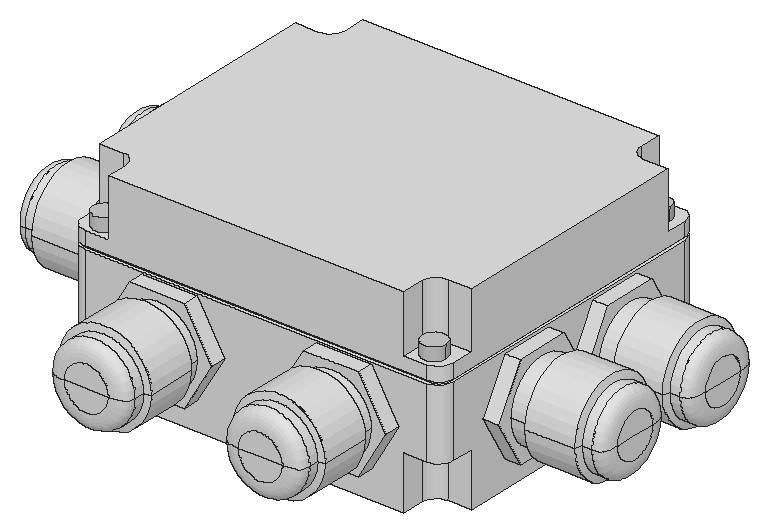
Revit family "ustroystvo soedinitelnoe_usb-ex_sever", category Датчики, Revit 2016
Family settings
  Сохранять ориентацию аннотаций = Нет
  Тип детали = Нормальный
  Размер круглого соединителя = Использовать диаметр
  На основе рабочей плоскости = Нет
  Всегда вертикально = Да
  При загрузке вырезать с полостями = Нет
  Общий = Нет
  Точка расчета площади = Нет
Parameters (values of type "УС-4 Ex")
  Метизы = Металл
  Watermarked By = ""
  Type Comments = "﻿﻿                           ﻿       ﻿     ﻿       ​         ​       ​   ​                  ﻿      ​ ​  ​       ​     ​ ﻿​                    ﻿     ﻿       ﻿       ﻿     ​         ﻿               ﻿﻿"
  Изготовитель = "ООО НПП \"Магнито-Контакт\""
  Гермоввод = Пластик черный
  URL = "www.m-kontakt.ru"
  Keynote = "﻿﻿                           ﻿       ﻿     ﻿       ​         ​       ​   ​                  ﻿      ​ ​  ​       ​     ​ ﻿​                    ﻿     ﻿       ﻿       ﻿     ​         ﻿               ﻿﻿"
  Description = "﻿﻿                           ﻿       ﻿     ﻿       ​         ​       ​   ​                  ﻿      ​ ​  ​       ​     ​ ﻿​                    ﻿     ﻿       ﻿       ﻿     ​         ﻿               ﻿﻿"
  BL_Разработано = "support@bimlib.ru"  # constant formula
  BL_Email = "451694@bk.ru"  # constant formula
  BL_BIM library = "https://bimlib.ru/manufacturer/company/2873"
  Assembly Code = "﻿﻿                           ﻿       ﻿     ﻿       ​         ​       ​   ​                  ﻿      ​ ​  ​       ​     ​ ﻿​                    ﻿     ﻿       ﻿       ﻿     ​         ﻿               ﻿﻿"
  ADSK_Размер_Ширина = 157 mm
  ADSK_Размер_Длина = 200 mm
  ADSK_Размер_Высота = 67 mm
  ADSK_Примечание = ""
  ADSK_Позиция = ""
  ADSK_Обозначение = "АТФЕ.685552.001 ТУ"
  ADSK_Наименование = "Устройство соединительное УСБ-Ex «СЕВЕР»"
  ADSK_Материал = Пластик белый
  ADSK_Масса = 0.5
  ADSK_Код изделия = ""
  ADSK_Завод-изготовитель = "ООО НПП \"Магнито-Контакт\""
  ADSK_Единица измерения = "шт."
  ADSK_Версия Revit = "2016"  # constant formula
  ADSK_URL страницы изделия = ""
  ADSK_URL документации изделия = ""
Reference planes
  plane 1 "По центру (Вперед/Назад)": y = 0
  plane 2: z = 0
  plane 3 "По центру (Влево/Вправо)": x = 0
  plane 4: z = 67
  plane 5: x = -100
  plane 6: x = 100
  plane 7: y = 78.5
  plane 8: y = -78.5
  plane 9: x = -63
  plane 10: x = 63
  plane 11: y = 65
  plane 12: y = -43
Forms (mm)
  Revolve 1, solid, material "Пластик белый" <- "ADSK_Материал", detail levels fine
    sketch origin (-34.458, 27.906, 25.312) x (0, -1, 0) y (1, 0, 0)
      loop
        line (-15.46, -33.979) -> (-15.46, -40.804) -> (-17.762, -40.804) -> (-17.762, -57.606) -> (-15.46, -58.222) -> (-15.46, -61.652)
        spline (-15.46, -61.652) -> (-15.418, -62.273) -> (-15.292, -62.841) -> (-15.083, -63.354) -> (-14.79, -63.814) -> (-14.413, -64.219) -> (-13.952, -64.57) -> (-13.408, -64.867) -> (-12.78, -65.11) -> (-12.068, -65.3) -> (-11.272, -65.435) -> (-10.393, -65.516) -> (-9.43, -65.543)
        line (-9.43, -65.543) -> (-1.986, -65.543) -> (-1.986, -33.979) -> (-15.46, -33.979)
      axis (-1.986, -65.543) -> (-1.986, -33.979)
    angle from 0 to 360
  Extrusion 2, solid, material "Пластик белый" <- "ADSK_Материал", detail levels medium+fine
    sketch origin (0, 0, 0) x (1, 0, 0) y (0, 1, 0)
      loop
        arc (-58, 65) -> (-61.536, 63.536) -> (-63, 60) r 5
        line (-63, 60) -> (-63, -38)
        arc (-63, -38) -> (-61.536, -41.536) -> (-58, -43) r 5
        line (-58, -43) -> (58, -43)
        arc (58, -43) -> (61.536, -41.536) -> (63, -38) r 5
        line (63, -38) -> (63, 60)
        arc (63, 60) -> (61.536, 63.536) -> (58, 65) r 5
        line (58, 65) -> (-58, 65)
    from 0 to 67
  Extrusion 3, void
    sketch origin (0, 0, 0) x (1, 0, 0) y (0, 1, 0)
      loop
        line (-63, 65) -> (-63, 52.563) -> (-55.14, 52.563)
        arc (-55.14, 52.563) -> (-51.605, 54.027) -> (-50.14, 57.563) r 5
        line (-50.14, 57.563) -> (-50.14, 65) -> (-63, 65)
      loop
        line (63, 65) -> (50.14, 65) -> (50.14, 57.563)
        arc (50.14, 57.563) -> (51.605, 54.027) -> (55.14, 52.563) r 5
        line (55.14, 52.563) -> (63, 52.563) -> (63, 65)
      loop
        line (-63, -43) -> (-50.14, -43) -> (-50.14, -35.563)
        arc (-50.14, -35.563) -> (-51.605, -32.027) -> (-55.14, -30.563) r 5
        line (-55.14, -30.563) -> (-63, -30.563) -> (-63, -43)
      loop
        line (63, -43) -> (63, -30.563) -> (55.14, -30.563)
        arc (55.14, -30.563) -> (51.605, -32.027) -> (50.14, -35.563) r 5
        line (50.14, -35.563) -> (50.14, -43) -> (63, -43)
    from 0 to 18.199
  Extrusion 4, void
    sketch origin (0, 0, 67.764) x (0, -1, 0) y (1, 0, 0)
      loop
        line (-65, -63) -> (-52.563, -63) -> (-52.563, -55.14)
        arc (-52.563, -55.14) -> (-54.027, -51.605) -> (-57.563, -50.14) r 5
        line (-57.563, -50.14) -> (-65, -50.14) -> (-65, -63)
      loop
        line (-65, 63) -> (-65, 50.14) -> (-57.563, 50.14)
        arc (-57.563, 50.14) -> (-54.027, 51.605) -> (-52.563, 55.14) r 5
        line (-52.563, 55.14) -> (-52.563, 63) -> (-65, 63)
      loop
        line (43, -63) -> (43, -50.14) -> (35.563, -50.14)
        arc (35.563, -50.14) -> (32.027, -51.605) -> (30.563, -55.14) r 5
        line (30.563, -55.14) -> (30.563, -63) -> (43, -63)
      loop
        line (43, 63) -> (30.563, 63) -> (30.563, 55.14)
        arc (30.563, 55.14) -> (32.027, 51.605) -> (35.563, 50.14) r 5
        line (35.563, 50.14) -> (43, 50.14) -> (43, 63)
    from -20 to -0.764
  Extrusion 5, solid, material "Пластик белый" <- "ADSK_Материал", detail levels fine
    sketch origin (0, 10.83, 55.205) x (0, 0, -1) y (0, 1, 0)
      loop
        line (29.892, 37.487) -> (13.936, 28.275) -> (13.936, 9.85) -> (29.892, 0.638) -> (45.849, 9.85) -> (45.849, 28.275) -> (29.892, 37.487)
    from -68.437 to -63
  Revolve 6, solid, material "Пластик белый" <- "ADSK_Материал", detail levels fine
    sketch origin (-34.458, -9.316, 25.312) x (0, -1, 0) y (1, 0, 0)
      loop
        line (-15.46, -33.979) -> (-15.46, -40.804) -> (-17.762, -40.804) -> (-17.762, -57.606) -> (-15.46, -58.222) -> (-15.46, -61.652)
        spline (-15.46, -61.652) -> (-15.418, -62.273) -> (-15.292, -62.841) -> (-15.083, -63.354) -> (-14.79, -63.814) -> (-14.413, -64.219) -> (-13.952, -64.57) -> (-13.408, -64.867) -> (-12.78, -65.11) -> (-12.068, -65.3) -> (-11.272, -65.435) -> (-10.393, -65.516) -> (-9.43, -65.543)
        line (-9.43, -65.543) -> (-1.986, -65.543) -> (-1.986, -33.979) -> (-15.46, -33.979)
      axis (-1.986, -65.543) -> (-1.986, -33.979)
    angle from 0 to 360
  Extrusion 7, solid, material "Пластик белый" <- "ADSK_Материал", detail levels fine
    sketch origin (0, -26.392, 55.205) x (0, 0, -1) y (0, 1, 0)
      loop
        line (29.892, 37.487) -> (13.936, 28.275) -> (13.936, 9.85) -> (29.892, 0.638) -> (45.849, 9.85) -> (45.849, 28.275) -> (29.892, 37.487)
    from -68.437 to -63
  Revolve 8, solid, material "Пластик белый" <- "ADSK_Материал", detail levels fine
    sketch origin (34.458, 27.906, 25.312) x (0, -1, 0) y (1, 0, 0)
      loop
        line (-15.46, 33.979) -> (-1.986, 33.979) -> (-1.986, 65.543) -> (-9.43, 65.543)
        spline (-9.43, 65.543) -> (-10.393, 65.516) -> (-11.272, 65.435) -> (-12.068, 65.3) -> (-12.78, 65.11) -> (-13.408, 64.867) -> (-13.952, 64.57) -> (-14.413, 64.219) -> (-14.79, 63.814) -> (-15.083, 63.354) -> (-15.292, 62.841) -> (-15.418, 62.273) -> (-15.46, 61.652)
        line (-15.46, 61.652) -> (-15.46, 58.222) -> (-17.762, 57.606) -> (-17.762, 40.804) -> (-15.46, 40.804) -> (-15.46, 33.979)
      axis (-1.986, 65.543) -> (-1.986, 33.979)
    angle from 0 to 360
  Extrusion 9, solid, material "Пластик белый" <- "ADSK_Материал", detail levels fine
    sketch origin (0, 10.83, 55.205) x (0, 0, -1) y (0, -1, 0)
      loop
        line (29.892, -37.487) -> (45.849, -28.275) -> (45.849, -9.85) -> (29.892, -0.638) -> (13.936, -9.85) -> (13.936, -28.275) -> (29.892, -37.487)
    from -68.437 to -63
  Revolve 10, solid, material "Пластик белый" <- "ADSK_Материал", detail levels fine
    sketch origin (34.458, -9.316, 25.312) x (0, -1, 0) y (1, 0, 0)
      loop
        line (-15.46, 33.979) -> (-1.986, 33.979) -> (-1.986, 65.543) -> (-9.43, 65.543)
        spline (-9.43, 65.543) -> (-10.393, 65.516) -> (-11.272, 65.435) -> (-12.068, 65.3) -> (-12.78, 65.11) -> (-13.408, 64.867) -> (-13.952, 64.57) -> (-14.413, 64.219) -> (-14.79, 63.814) -> (-15.083, 63.354) -> (-15.292, 62.841) -> (-15.418, 62.273) -> (-15.46, 61.652)
        line (-15.46, 61.652) -> (-15.46, 58.222) -> (-17.762, 57.606) -> (-17.762, 40.804) -> (-15.46, 40.804) -> (-15.46, 33.979)
      axis (-1.986, 65.543) -> (-1.986, 33.979)
    angle from 0 to 360
  Extrusion 11, solid, material "Пластик белый" <- "ADSK_Материал", detail levels fine
    sketch origin (0, -26.392, 55.205) x (0, 0, -1) y (0, -1, 0)
      loop
        line (29.892, -37.487) -> (45.849, -28.275) -> (45.849, -9.85) -> (29.892, -0.638) -> (13.936, -9.85) -> (13.936, -28.275) -> (29.892, -37.487)
    from -68.437 to -63
  Revolve 12, solid, material "Пластик белый" <- "ADSK_Материал", detail levels fine
    sketch origin (27.821, -12.954, 25.312) x (-1, 0, 0) y (0, -1, 0)
      loop
        line (-15.46, 35.47) -> (-1.986, 35.47) -> (-1.986, 65.543) -> (-9.43, 65.543)
        spline (-9.43, 65.543) -> (-10.393, 65.516) -> (-11.272, 65.435) -> (-12.068, 65.3) -> (-12.78, 65.11) -> (-13.408, 64.867) -> (-13.952, 64.57) -> (-14.413, 64.219) -> (-14.79, 63.814) -> (-15.083, 63.354) -> (-15.292, 62.841) -> (-15.418, 62.273) -> (-15.46, 61.652)
        line (-15.46, 61.652) -> (-15.46, 58.222) -> (-17.762, 57.606) -> (-17.762, 40.804) -> (-15.46, 40.804) -> (-15.46, 35.47)
      axis (-1.986, 65.543) -> (-1.986, 35.47)
    angle from 0 to 360
  Extrusion 13, solid, material "Пластик белый" <- "ADSK_Материал", detail levels fine
    sketch origin (48.869, 20, -4.58) x (0, 0, 1) y (1, 0, 0)
      loop
        line (29.892, -37.487) -> (45.849, -28.275) -> (45.849, -9.85) -> (29.892, -0.638) -> (13.936, -9.85) -> (13.936, -28.275) -> (29.892, -37.487)
    from -68.437 to -63
  Revolve 14, solid, material "Пластик белый" <- "ADSK_Материал", detail levels fine
    sketch origin (-31.242, -12.954, 25.312) x (-1, 0, 0) y (0, -1, 0)
      loop
        line (-15.46, 35.47) -> (-1.986, 35.47) -> (-1.986, 65.543) -> (-9.43, 65.543)
        spline (-9.43, 65.543) -> (-10.393, 65.516) -> (-11.272, 65.435) -> (-12.068, 65.3) -> (-12.78, 65.11) -> (-13.408, 64.867) -> (-13.952, 64.57) -> (-14.413, 64.219) -> (-14.79, 63.814) -> (-15.083, 63.354) -> (-15.292, 62.841) -> (-15.418, 62.273) -> (-15.46, 61.652)
        line (-15.46, 61.652) -> (-15.46, 58.222) -> (-17.762, 57.606) -> (-17.762, 40.804) -> (-15.46, 40.804) -> (-15.46, 35.47)
      axis (-1.986, 65.543) -> (-1.986, 35.47)
    angle from 0 to 360
  Extrusion 15, solid, material "Пластик белый" <- "ADSK_Материал", detail levels fine
    sketch origin (-10.193, 20, -4.58) x (0, 0, 1) y (1, 0, 0)
      loop
        line (29.892, -37.487) -> (45.849, -28.275) -> (45.849, -9.85) -> (29.892, -0.638) -> (13.936, -9.85) -> (13.936, -28.275) -> (29.892, -37.487)
    from -68.437 to -63
  Extrusion 16, solid, material "Металл" <- "Метизы", detail levels fine
    sketch origin (0, 0, 0) x (1, 0, 0) y (0, 1, 0)
      loop
        circle (-55.874, 57.647) r 4.054
      loop
        circle (55.874, 57.647) r 4.054
      loop
        circle (-55.874, -37.353) r 4.054
      loop
        circle (55.874, -37.353) r 4.054
    from 47.764 to 52.025
  Extrusion 17, void
    sketch origin (0, 0, 0) x (1, 0, 0) y (0, 1, 0)
      loop
        arc (-58, 65) -> (-61.536, 63.536) -> (-63, 60) r 5
        line (-63, 60) -> (-63, -38)
        arc (-63, -38) -> (-61.536, -41.536) -> (-58, -43) r 5
        line (-58, -43) -> (58, -43)
        arc (58, -43) -> (61.536, -41.536) -> (63, -38) r 5
        line (63, -38) -> (63, 60)
        arc (63, 60) -> (61.536, 63.536) -> (58, 65) r 5
        line (58, 65) -> (-58, 65)
      loop
        line (-62, 60) -> (-62, -38)
        arc (-62, -38) -> (-60.828, -40.828) -> (-58, -42) r 4
        line (-58, -42) -> (58, -42)
        arc (58, -42) -> (60.828, -40.828) -> (62, -38) r 4
        line (62, -38) -> (62, 60)
        arc (62, 60) -> (60.828, 62.828) -> (58, 64) r 4
        line (58, 64) -> (-58, 64)
        arc (-58, 64) -> (-60.828, 62.828) -> (-62, 60) r 4
    from 42 to 43
Cuts and joins
  Extrusion 3, Extrusion 4, Extrusion 17 cuts Extrusion 2
  Extrusion 17 cuts Extrusion 5
  Extrusion 17 cuts Extrusion 7
  Extrusion 17 cuts Extrusion 9
  Extrusion 17 cuts Extrusion 11
  Extrusion 17 cuts Extrusion 13
  Extrusion 17 cuts Extrusion 15
Dimensions and locks
  "ADSK_Размер_Высота": level to plane 4
  equal spacing: plane 7, plane 1 "По центру (Вперед/Назад)", plane 8
  "ADSK_Размер_Ширина": plane 7 to plane 8
  equal spacing: plane 5, plane 3 "По центру (Влево/Вправо)", plane 6
  "ADSK_Размер_Длина": plane 5 to plane 6
  aligned and locked: level to plane 2
  aligned and locked: Extrusion 2 sketch curve to plane 11
  aligned and locked: Extrusion 2 sketch curve to plane 9
  aligned and locked: Extrusion 2 sketch curve to plane 12
  aligned and locked: Extrusion 2 sketch curve to plane 10
  aligned and locked: plane 4 to Extrusion 2
Automatic sketch dimensions
  plane 5 to Revolve 1 sketch curve = 7.936 mm
  Revolve 1 sketch curve to plane 11 = 19.332 mm
  Revolve 1 sketch curve to Revolve 1 sketch curve = 2.302 mm  (x2)
  plane 5 to Revolve 1 sketch curve = 3.89 mm
  Revolve 1 sketch curve to plane 5 = 0.001 mm
  Revolve 1 sketch curve to Revolve 1 sketch curve = 6.03 mm
  Revolve 1 sketch curve to Revolve 1 sketch curve = 7.444 mm
  Revolve 1 sketch curve to Revolve 1 sketch curve = 0.617 mm
  plane 9 to Revolve 1 sketch curve = 12.262 mm
  plane 9 to Revolve 1 sketch curve = 5.437 mm
  Revolve 1 sketch curve to Revolve 1 sketch curve = 0 mm
  Revolve 1 sketch curve to Revolve 1 sketch curve = 9.062 mm
  Revolve 1 sketch curve to plane 9 = 7.147 mm
  Extrusion 2 sketch curve to plane 9 = 5 mm  (x2)
  Extrusion 2 sketch curve to plane 10 = 5 mm  (x2)
  Extrusion 3 sketch curve to plane 9 = 0 mm  (x2)
  plane 12 to Extrusion 3 sketch curve = 0 mm  (x2)
  Extrusion 3 sketch curve to plane 11 = 0 mm  (x2)
  Extrusion 3 sketch curve to plane 10 = 0 mm  (x2)
  Extrusion 3 sketch curve to plane 9 = 7.86 mm  (x2)
  Extrusion 3 sketch curve to Extrusion 3 sketch curve = 5 mm  (x4)
  Extrusion 3 sketch curve to plane 10 = 12.86 mm  (x2)
  Extrusion 3 sketch curve to plane 12 = 7.437 mm  (x2)
  Extrusion 3 sketch curve to plane 11 = 12.437 mm  (x2)
  Extrusion 4 sketch curve to plane 9 = 0 mm  (x2)
  Extrusion 4 sketch curve to plane 11 = 0 mm  (x2)
  Extrusion 4 sketch curve to plane 10 = 0 mm  (x2)
  Extrusion 4 sketch curve to plane 12 = 0 mm
  plane 12 to Extrusion 4 sketch curve = 0 mm
  Extrusion 4 sketch curve to plane 11 = 7.437 mm  (x2)
  Extrusion 4 sketch curve to Extrusion 4 sketch curve = 5 mm  (x4)
  Extrusion 4 sketch curve to plane 12 = 12.437 mm
  Extrusion 4 sketch curve to Extrusion 4 sketch curve = 12.437 mm
  Extrusion 4 sketch curve to plane 9 = 7.86 mm  (x2)
  Extrusion 4 sketch curve to plane 10 = 12.86 mm  (x2)
  Revolve 6 sketch curve to plane 1 "По центру (Вперед/Назад)" = 8.446 mm
  Revolve 6 sketch curve to Revolve 6 sketch curve = 2.302 mm  (x2)
  Revolve 6 sketch curve to plane 5 = 0.001 mm
  Revolve 6 sketch curve to plane 1 "По центру (Вперед/Назад)" = 0.114 mm
  plane 1 "По центру (Вперед/Назад)" to Revolve 6 sketch curve = 7.33 mm  (x2)
  plane 5 to Revolve 6 sketch curve = 3.89 mm
  Revolve 6 sketch curve to Revolve 6 sketch curve = 3.43 mm
  Revolve 6 sketch curve to Revolve 6 sketch curve = 0.617 mm
  plane 9 to Revolve 6 sketch curve = 12.262 mm
  plane 9 to Revolve 6 sketch curve = 5.437 mm
  Revolve 6 sketch curve to Revolve 6 sketch curve = 9.062 mm
  Revolve 6 sketch curve to plane 9 = 7.147 mm
  plane 6 to Revolve 8 sketch curve = 7.936 mm
  Revolve 8 sketch curve to plane 11 = 19.332 mm
  Revolve 8 sketch curve to Revolve 8 sketch curve = 2.302 mm  (x2)
  plane 6 to Revolve 8 sketch curve = 3.89 mm
  Revolve 8 sketch curve to plane 6 = 0.001 mm
  Revolve 8 sketch curve to Revolve 8 sketch curve = 6.03 mm
  Revolve 8 sketch curve to Revolve 8 sketch curve = 7.444 mm
  plane 10 to Revolve 8 sketch curve = 12.262 mm
  plane 10 to Revolve 8 sketch curve = 5.437 mm
  Revolve 8 sketch curve to Revolve 8 sketch curve = 0.617 mm
  Revolve 8 sketch curve to Revolve 8 sketch curve = 0 mm
  Revolve 8 sketch curve to Revolve 8 sketch curve = 9.062 mm
  Revolve 8 sketch curve to plane 10 = 7.147 mm
  Revolve 10 sketch curve to plane 1 "По центру (Вперед/Назад)" = 8.446 mm
  Revolve 10 sketch curve to Revolve 10 sketch curve = 2.302 mm  (x2)
  Revolve 10 sketch curve to plane 6 = 0.001 mm
  Revolve 10 sketch curve to plane 1 "По центру (Вперед/Назад)" = 0.114 mm
  plane 1 "По центру (Вперед/Назад)" to Revolve 10 sketch curve = 7.33 mm  (x2)
  plane 6 to Revolve 10 sketch curve = 3.89 mm
  Revolve 10 sketch curve to Revolve 10 sketch curve = 3.43 mm
  Revolve 10 sketch curve to Revolve 10 sketch curve = 0.617 mm
  plane 10 to Revolve 10 sketch curve = 12.262 mm
  plane 10 to Revolve 10 sketch curve = 5.437 mm
  Revolve 10 sketch curve to Revolve 10 sketch curve = 9.062 mm
  Revolve 10 sketch curve to plane 10 = 7.147 mm
  plane 8 to Revolve 12 sketch curve = 7.94 mm
  Revolve 12 sketch curve to plane 10 = 17.417 mm
  Revolve 12 sketch curve to Revolve 12 sketch curve = 2.302 mm  (x2)
  plane 8 to Revolve 12 sketch curve = 3.894 mm
  plane 8 to Revolve 12 sketch curve = 0.003 mm
  Revolve 12 sketch curve to Revolve 12 sketch curve = 6.03 mm
  Revolve 12 sketch curve to Revolve 12 sketch curve = 7.444 mm
  plane 12 to Revolve 12 sketch curve = 10.758 mm
  Revolve 12 sketch curve to Revolve 12 sketch curve = 5.333 mm
  Revolve 12 sketch curve to Revolve 12 sketch curve = 0.617 mm
  Revolve 12 sketch curve to Revolve 12 sketch curve = 0 mm
  Revolve 12 sketch curve to Revolve 12 sketch curve = 7.571 mm
  Revolve 12 sketch curve to plane 12 = 8.651 mm
  Revolve 14 sketch curve to plane 3 "По центру (Влево/Вправо)" = 13.48 mm
  Revolve 14 sketch curve to Revolve 14 sketch curve = 2.302 mm  (x2)
  plane 8 to Revolve 14 sketch curve = 3.894 mm
  plane 8 to Revolve 14 sketch curve = 0.003 mm
  Revolve 14 sketch curve to Revolve 14 sketch curve = 6.03 mm
  Revolve 14 sketch curve to Revolve 14 sketch curve = 7.444 mm
  Revolve 14 sketch curve to Revolve 14 sketch curve = 3.43 mm
  Revolve 14 sketch curve to Revolve 14 sketch curve = 0.617 mm
  plane 12 to Revolve 14 sketch curve = 10.758 mm
  Revolve 14 sketch curve to Revolve 14 sketch curve = 5.333 mm
  Revolve 14 sketch curve to Revolve 14 sketch curve = 0 mm
  Revolve 14 sketch curve to Revolve 14 sketch curve = 7.571 mm
  Revolve 14 sketch curve to plane 12 = 8.651 mm
  Extrusion 16 sketch curve to plane 9 = 7.126 mm  (x2)
  Extrusion 16 sketch curve to plane 10 = 7.126 mm  (x2)
  Extrusion 16 sketch curve to plane 12 = 5.647 mm  (x2)
  Extrusion 16 sketch curve to plane 11 = 7.353 mm  (x2)
  Extrusion 17 sketch curve to plane 9 = 0 mm
  Extrusion 17 sketch curve to plane 11 = 0 mm
  Extrusion 17 sketch curve to plane 9 = 5 mm  (x2)
  Extrusion 17 sketch curve to plane 10 = 5 mm
  Extrusion 17 sketch curve to plane 10 = 0 mm
  Extrusion 17 sketch curve to plane 12 = 5 mm
  plane 12 to Extrusion 17 sketch curve = 0 mm
  Extrusion 17 sketch curve to Extrusion 17 sketch curve = 0 mm  (x7)
  Extrusion 17 sketch curve to plane 9 = 1 mm
  level to Extrusion 15 sketch curve = 9.356 mm
  Extrusion 15 sketch curve to Extrusion 15 sketch curve = 15.956 mm  (x3)
  Extrusion 15 sketch curve to plane 3 "По центру (Влево/Вправо)" = 10.831 mm
  Extrusion 15 sketch curve to Extrusion 15 sketch curve = 9.212 mm  (x2)
  Extrusion 15 sketch curve to Extrusion 15 sketch curve = 18.425 mm  (x2)
  Extrusion 15 sketch curve to plane 9 = 15.32 mm
  level to Extrusion 13 sketch curve = 9.356 mm
  plane 3 "По центру (Влево/Вправо)" to Extrusion 13 sketch curve = 11.382 mm
  Extrusion 13 sketch curve to Extrusion 13 sketch curve = 15.956 mm  (x3)
  Extrusion 13 sketch curve to Extrusion 13 sketch curve = 9.212 mm  (x2)
  Extrusion 13 sketch curve to Extrusion 13 sketch curve = 18.425 mm  (x2)
  Extrusion 13 sketch curve to plane 10 = 14.768 mm
  Extrusion 7 sketch curve to plane 1 "По центру (Вперед/Назад)" = 1.883 mm  (x2)
  Extrusion 7 sketch curve to plane 4 = 25.731 mm
  Extrusion 7 sketch curve to plane 1 "По центру (Вперед/Назад)" = 11.095 mm
  Extrusion 7 sketch curve to Extrusion 7 sketch curve = 15.956 mm  (x2)
  level to Extrusion 7 sketch curve = 9.356 mm
  plane 1 "По центру (Вперед/Назад)" to Extrusion 7 sketch curve = 16.542 mm  (x2)
  Extrusion 7 sketch curve to plane 12 = 17.246 mm
  Extrusion 11 sketch curve to plane 1 "По центру (Вперед/Назад)" = 1.883 mm  (x2)
  Extrusion 11 sketch curve to plane 4 = 25.731 mm
  Extrusion 11 sketch curve to plane 1 "По центру (Вперед/Назад)" = 11.095 mm
  Extrusion 11 sketch curve to Extrusion 11 sketch curve = 15.956 mm  (x2)
  level to Extrusion 11 sketch curve = 9.356 mm
  plane 1 "По центру (Вперед/Назад)" to Extrusion 11 sketch curve = 16.542 mm  (x2)
  Extrusion 11 sketch curve to plane 12 = 17.246 mm
  Extrusion 5 sketch curve to plane 4 = 25.731 mm
  Extrusion 5 sketch curve to Extrusion 5 sketch curve = 15.956 mm  (x2)
  Extrusion 5 sketch curve to plane 1 "По центру (Вперед/Назад)" = 11.468 mm
  level to Extrusion 5 sketch curve = 9.356 mm
  Extrusion 5 sketch curve to Extrusion 5 sketch curve = 9.212 mm  (x2)
  Extrusion 5 sketch curve to Extrusion 5 sketch curve = 18.425 mm  (x2)
  Extrusion 5 sketch curve to plane 11 = 16.683 mm
  Extrusion 9 sketch curve to plane 4 = 25.731 mm
  Extrusion 9 sketch curve to Extrusion 9 sketch curve = 15.956 mm  (x2)
  Extrusion 9 sketch curve to plane 1 "По центру (Вперед/Назад)" = 11.468 mm
  level to Extrusion 9 sketch curve = 9.356 mm
  Extrusion 9 sketch curve to Extrusion 9 sketch curve = 9.212 mm  (x2)
  Extrusion 9 sketch curve to Extrusion 9 sketch curve = 18.425 mm  (x2)
  Extrusion 9 sketch curve to plane 11 = 16.683 mm
  radius of Extrusion 16 sketch curve = 4.054 mm  (x4)
Nested families
  nested 1: "уго_коробка" at (0, 0, 0), type "уго_коробка", detail levels coarse
Connectors
  electrical at (0, 11, 0)
    settings: on cut or joined group of Extrusion 2, Extrusion 3, Extrusion 4, Extrusion 17, index 1, voltage 0 V, apparent load 0 VA, apparent load phase1 0 VA, apparent load phase2 0 VA, apparent load phase3 0 VA, power factor 1, load classification "Прочее", number of poles 1, system type 10, power factor state 1, is connector primary yes, connector utility no, sub classification motor no, connector description ""
Definition of nested family "уго_коробка"
  Parameters (values of type "уго_коробка")
    Watermarked By = ""
  Reference planes
    plane 1: y = 0
    plane 2: x = 0
  Lines and regions (mm)
    detail lines
      curve 1: circle (0, 0, 0) r 1.462 normal (0, 0, 1)
